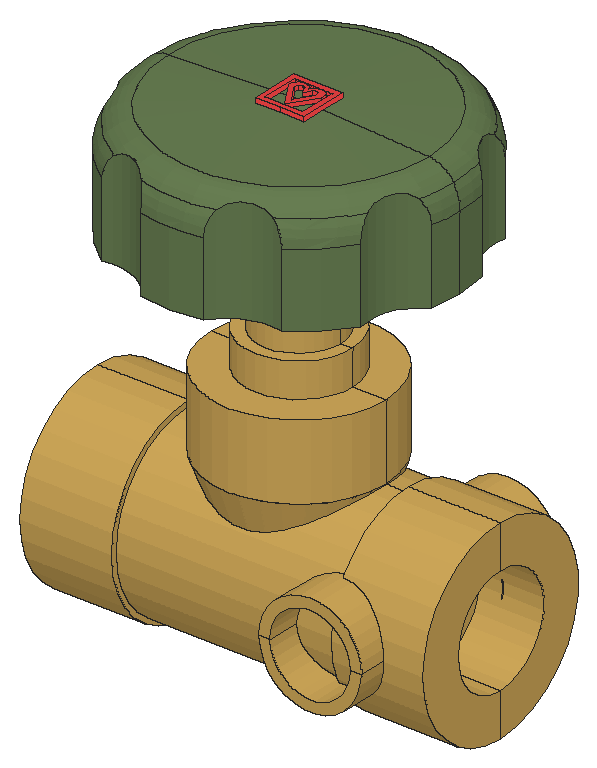
Revit family "Absperrventil 4215 AW IG-IG", category Rohrzubehör, Revit 2018
Family settings
  Bemaßung runder Anschluss = Durchmesser verwenden
  Teiletyp = Unterbricht
  OmniClass-Nummer = 23.65.55.14
  OmniClass-Titel = Valves for Liquid Services
  Arbeitsebenenbasiert = Nein
  Immer vertikal = Ja
  Beim Laden mit Abzugskörper schneiden = Nein
  Gemeinsam genutzt = Nein
Parameters
  URL = "www.herz-armaturen.at"
  T02 = 8.5 mm  # constant formula
  T01 [instance] = size_lookup("4215AW_", "T1", 17.5 mm, Nennweite)  # 23 mm
  R09 [instance] = R08 - 2 mm  # 7.5 mm
  O-Ringe = "EPDM"  # constant formula
  SC_NennweiteBerechnet = 0
  SC_Dimension = ""
  SCTWSEQ = "FW;SBT_TYP_FW=\"106\";2"
  SCTWCODE = "04;01;02"  # constant formula
  S03 = 60 mm  # constant formula
  S02 [instance] = H01 + H02 + H03  # 53.5 mm
  S01 [instance] = R01 * 2  # 36 mm
  R08 [instance] = size_lookup("4215AW_", "R8", 9.5 mm, Nennweite)  # 9.5 mm
  R07 = 3 mm  # constant formula
  R06 [instance] = size_lookup("4215AW_", "R6", 7.8 mm, Nennweite)  # 7.8 mm
  R05 [instance] = size_lookup("4215AW_", "R5", 10.1 mm, Nennweite)  # 10.1 mm
  R04 [instance] = size_lookup("4215AW_", "R4", 13.5 mm, Nennweite)  # 16.3 mm
  R03 [instance] = size_lookup("4215AW_", "R3", 15 mm, Nennweite)  # 17 mm
  R02 [instance] = Nennweite / 2  # 10 mm
  R01 [instance] = size_lookup("4215AW_", "R1", 16 mm, Nennweite)  # 18 mm
  Nennweite [instance] = 20 mm
  Min. Durchfluss bei Dp 10 kPa [instance] = if(Nennweite = 15 mm, 0.2, if(Nennweite = 20 mm, 0.4, if(Nennweite = 25 mm, 0.7, if(Nennweite = 32 mm, 1.2, if(Nennweite = 40 mm, 1.6, if(Nennweite = 50 mm, 2.7, 0))))))  # 0.4
  Medium = "Trinkwasser"  # constant formula
  Max. Differenzdruck auf geschlossenen Sitz = 1000000.0 Pa  # constant formula
  Max. Betriebstemperatur = 90 °C  # constant formula
  Max. Betriebsdruck = 1000000.0 Pa  # constant formula
  L03 [instance] = size_lookup("4215AW_", "L3", 15.5 mm, Nennweite)  # 19 mm
  L02 = 12 mm  # constant formula
  L01 [instance] = size_lookup("4215AW_", "L1", 16 mm, Nennweite)  # 17 mm
  L00 [instance] = size_lookup("4215AW_", "L", 65 mm, Nennweite)  # 75 mm
  Hinweis = "Gemäß Art 33 der REACH-Verordnung (EG Nr. 1907/2006) sind wir verpflichtet, darauf hinzuweisen, dass der Stoff Blei auf der SVHC-Liste geführt wird und dass alle aus Messing bestehenden Bauteile, die in unseren Erzeugnissen verarbeitet sind, mehr als 0,1 % (w/w) Blei (CAS: 7439-92-1 / EINECS: 231-100-4) enthalten.\r\nDa Blei als Legierungsbestandteil fest gebunden ist, sind keine Expositionen zu erwarten und daher sind keine zusätzlichen Angaben zur sicheren Verwendung notwendig."
  Hersteller = "HERZ Armaturen Ges.m.b.H."  # constant formula
  Handrad = "Kunstsoff, grün"  # constant formula
  H04 = 21 mm  # constant formula
  H03 [instance] = size_lookup("4215AW_", "H3", 14.6 mm, Nennweite)  # 16.1 mm
  H02 [instance] = size_lookup("4215AW_", "H2", 5.4 mm, Nennweite)  # 6.4 mm
  H01 [instance] = size_lookup("4215AW_", "H1", 26 mm, Nennweite)  # 31 mm
  H00 [instance] = H01 + H02 + H03  # 53.5 mm
  Gehäuse = "entzinkungsbeständiges Messing nach EN1982"  # constant formula
  Bestellnummer [instance] = size_lookup("4215AW_", "Artnr", 0, Nennweite)  # 2421532
  Anwendungsgebiet = "Zum Absperren von Trinkwasserleitungen und -anlagen in Gebäuden"
Reference planes
  plane 1 "Mitte (Vorne/hinten)": y = 0
  plane 2: z = 0
  plane 3 "Mitte (Links/rechts)": x = 0
Forms (mm)
  Revolve 1, solid, material "Messing, weicher Gelbton, geschweißt", detail levels fine
    sketch origin (470, 0, 0) x (1, 0, 0) y (0, 0, 1)
      loop
        line (-507.5, 10) -> (-495.5, 10) -> (-495.5, 0) -> (-444.5, 0) -> (-444.5, 10) -> (-432.5, 10) -> (-432.5, 18) -> (-449.5, 18) -> (-449.5, 17) -> (-490.5, 17) -> (-490.5, 18) -> (-507.5, 18) -> (-507.5, 10)
      axis (-507.5, 0) -> (-432.5, 0)
    angle from 0 to 360
  Revolve 2, solid, material "Messing, weicher Gelbton, geschweißt", detail levels fine
    sketch origin (0, 0, 0) x (1, 0, 0) y (0, 0, 1)
      loop
        line (0, 0) -> (0, 53.5) -> (-7.8, 53.5) -> (-7.8, 37.4) -> (-10.1, 37.4) -> (-10.1, 31) -> (-16.3, 31) -> (-16.3, 17) -> (-10, 0) -> (0, 0)
      axis (0, 53.5) -> (0, 0)
    angle from 0 to 360
  Revolve 3, solid, material "Messing, weicher Gelbton, geschweißt", detail levels fine
    sketch origin (0, 0, 0) x (1, 0, 0) y (0, 1, 0)
      loop
        line (20.5, -14.5) -> (28, -14.5) -> (28, -23) -> (30, -23) -> (30, -10) -> (23.5, -10) -> (23.5, 10) -> (30, 10) -> (30, 23) -> (20.5, 23) -> (20.5, -14.5)
      axis (20.5, 23) -> (20.5, -23)
    angle from 0 to 360
Lines and regions (mm)
  model lines, detail levels coarse+medium
    curve 1: line (-37.5, 0, 18) -> (-37.5, 0, -18)
    curve 2: line (-37.5, 0, -18) -> (37.5, 0, 18)
    curve 3: line (37.5, 0, 18) -> (37.5, 0, -18)
    curve 4: line (37.5, 0, -18) -> (-37.5, 0, 18)
    curve 5: line (0, 0, 0) -> (0, 0, 53.5)
    curve 6: line (-30, 0, 53.5) -> (30, 0, 53.5)
    curve 7: line (-37.5, -18, 0) -> (-37.5, 18, 0)
    curve 8: line (-37.5, 18, 0) -> (37.5, -18, 0)
    curve 9: line (37.5, -18, 0) -> (37.5, 18, 0)
    curve 10: line (37.5, 18, 0) -> (-37.5, -18, 0)
    curve 11: line (0, 0, 0) -> (0, 53.5, 0)
    curve 12: line (30, 53.5, 0) -> (-30, 53.5, 0)
Dimensions and locks
  "L00": Revolve 1 sketch curve to Revolve 1 sketch curve
  equal spacing: Revolve 1 sketch curve, plane 3 "Mitte (Links/rechts)", Revolve 1 sketch curve
  "R01": Revolve 1 sketch curve to Revolve 1 sketch curve  (x2)
  "R02": Revolve 1 sketch curve to Revolve 1 sketch curve  (x2)
  "L01": Revolve 1 sketch curve to Revolve 1 sketch curve  (x2)
  "L02": Revolve 1 sketch curve to Revolve 1 sketch curve  (x2)
  "R03": Revolve 1 sketch curve to Revolve 1 sketch curve
  "R03": Revolve 2 sketch curve to Revolve 2 sketch curve
  "R02": Revolve 2 sketch curve to Revolve 2 sketch curve
  "R04": Revolve 2 sketch curve to Revolve 2 sketch curve
  "R05": Revolve 2 sketch curve to Revolve 2 sketch curve
  "R06": Revolve 2 sketch curve to Revolve 2 sketch curve
  "H01": Revolve 2 sketch curve to plane 2
  "T01": Revolve 3 sketch curve to plane 1 "Mitte (Vorne/hinten)" to Revolve 3 sketch curve
  "R02": Revolve 3 sketch curve to plane 1 "Mitte (Vorne/hinten)"
  "R02": plane 1 "Mitte (Vorne/hinten)" to Revolve 3 sketch curve
  "R07": Revolve 3 sketch curve to Revolve 3 sketch curve
  "H02": Revolve 2 sketch curve to Revolve 2 sketch curve
  "H03": Revolve 2 sketch curve to Revolve 2 sketch curve
  "H00": nested 1 to plane 2
  "H04": nested 2 to Revolve 2
  equal spacing: curve 4, plane 2, curve 2
  "S01": curve 4 to curve 2
  equal spacing: curve 3, plane 2, curve 4
  "S01": curve 3 to curve 4
  equal spacing: curve 1, plane 3 "Mitte (Links/rechts)", curve 3
  "L00": curve 1 to curve 3
  "S02": curve 5 to plane 2
  equal spacing: curve 6, curve 5, curve 6
  "S03": curve 6 to curve 6
  equal spacing: curve 10, plane 1 "Mitte (Vorne/hinten)", curve 8
  "S01": curve 8 to curve 10
  equal spacing: curve 9, plane 1 "Mitte (Vorne/hinten)", curve 10
  "S01": curve 10 to curve 9
  equal spacing: curve 7, plane 3 "Mitte (Links/rechts)", curve 9
  "L00": curve 7 to curve 9
  "S02": plane 1 "Mitte (Vorne/hinten)" to curve 11
  equal spacing: curve 12, curve 11, curve 12
  "S03": curve 12 to curve 12
  "T02": Revolve 3 sketch curve to Revolve 3 sketch curve
  "R08": Revolve 3 sketch curve to Revolve 3 sketch curve
  "R03": Revolve 3 sketch curve to Revolve 1
  "R09": Revolve 3 sketch curve to Revolve 3 sketch curve
  aligned and locked: level to plane 2
Automatic sketch dimensions
  curve 5 to level = 0 mm
  curve 11 to plane 3 "Mitte (Links/rechts)" = 0 mm
  Revolve 1 sketch curve to level = 0 mm  (x2)
  Revolve 1 sketch curve to Revolve 1 sketch curve = 791.99 mm
  Revolve 1 sketch curve to Revolve 1 sketch curve = 2278.983 mm
  Revolve 2 sketch curve to level = 0 mm
  Revolve 2 sketch curve to plane 3 "Mitte (Links/rechts)" = 0 mm  (x2)
  Revolve 2 sketch curve to Revolve 2 sketch curve = 366.045 mm
  Revolve 2 sketch curve to Revolve 2 sketch curve = 2165.278 mm
  Revolve 3 sketch curve to Revolve 3 sketch curve = 0 mm  (x2)
  Revolve 3 sketch curve to Revolve 3 sketch curve = 6.5 mm
  Revolve 3 sketch curve to Revolve 3 sketch curve = 3.768 mm
Nested families
  nested 1: "Strömax-Handrad (Grün)" at (0, 0, 53.5), type "Strömax-Handrad (Grün)", detail levels fine
    with Nennweite 0 mm, Gewicht 0.00 kg, Bestellnummer 0
  nested 2: "Herz-Logo" at (0, 0, 74.5), type "Herz-Logo", detail levels fine
Connectors
  piping at (-25.5, 0, 0), diameter 20, driven by "Nennweite"
    settings: on Revolve 1, index 1, connector inside diameter 609.6 mm, connector length 0 mm, flow factor 0, pipe flow 0.0 L/s, pressure drop 0.0 Pa, fitting loss kfactor 0, connector angle 0.00°, fixture units 0, engagement length 0 mm, angle of deflection 0.00°, flow configuration 0, flow direction 1, fitting loss method 0, system type 29, joint type 0, gender type 0, connector reference index -1, connector utility 0, adjustable connector no, is connector primary yes, connector description ""
  piping at (25.5, 0, 0), diameter 20, driven by "Nennweite"
    settings: on Revolve 1, index 2, connector inside diameter 609.6 mm, connector length 0 mm, flow factor 0, pipe flow 0.0 L/s, pressure drop 0.0 Pa, fitting loss kfactor 0, connector angle 0.00°, fixture units 0, engagement length 0 mm, angle of deflection 0.00°, flow configuration 0, flow direction 2, fitting loss method 0, system type 29, joint type 0, gender type 0, connector reference index -1, connector utility 0, adjustable connector no, is connector primary no, connector description ""
Definition of nested family "Strömax-Handrad (Grün)"
  Parameters (values of type "Strömax-Handrad (Grün)")
    URL = "www.herz-armaturen.at"
    Nennweite [instance] = 0 mm
    Manufacturer = "Herz Armaturen GmbH"  # constant formula
    Gewicht [instance] = 0.00 kg
    Bestellnummer [instance] = 0
  Reference planes
    plane 1 "Mitte (Vorne/hinten)": y = 0
    plane 2: z = 0
    plane 3 "Mitte (Links/rechts)": x = 0
  Forms (mm)
    Revolve 1, solid
      sketch origin (0, 0, 0) x (1, 0, 0) y (0, 0, 1)
        loop
          line (0, 0) -> (0, 22)
          arc (0, 22) -> (-12.15, 21.705) -> (-24.271, 20.819) r 250
          arc (-24.271, 20.819) -> (-26.831, 19.959) -> (-28.754, 18.063) r 6
          arc (-28.754, 18.063) -> (-29.682, 16.008) -> (-30, 13.776) r 8
          line (-30, 13.776) -> (-30, 0) -> (0, 0)
        axis (0, 22) -> (0, 0)
      angle from 0 to 360
    Extrusion 2, void
      sketch origin (0, 0, 0) x (1, 0, 0) y (0, 1, 0)
        loop
          circle (14.351, -34.645) r 10
      from 0 to 22
    Extrusion 3, void
      sketch origin (0, 0, 0) x (-1, 0, 0) y (0, -1, 0)
        loop
          circle (14.351, 34.645) r 10
      from 0 to 22
    Extrusion 4, void
      sketch origin (0, 0, 0) x (0, -1, 0) y (1, 0, 0)
        loop
          circle (14.351, 34.645) r 10
      from 0 to 22
    Extrusion 5, void
      sketch origin (0, 0, 0) x (0, 1, 0) y (-1, 0, 0)
        loop
          circle (14.351, -34.645) r 10
      from 0 to 22
    Extrusion 6, void
      sketch origin (0, 0, 0) x (0, -1, 0) y (1, 0, 0)
        loop
          circle (14.351, -34.645) r 10
      from 0 to 22
    Extrusion 7, void
      sketch origin (0, 0, 0) x (0, 1, 0) y (-1, 0, 0)
        loop
          circle (14.351, 34.645) r 10
      from 0 to 22
    Extrusion 8, void
      sketch origin (0, 0, 0) x (1, 0, 0) y (0, 1, 0)
        loop
          circle (14.351, 34.645) r 10
      from 0 to 22
    Extrusion 9, void
      sketch origin (0, 0, 0) x (-1, 0, 0) y (0, -1, 0)
        loop
          circle (14.351, -34.645) r 10
      from 0 to 22
  Cuts and joins
    Extrusion 2, Extrusion 3, Extrusion 4, Extrusion 5, Extrusion 6, Extrusion 7, Extrusion 8, Extrusion 9 cuts Revolve 1
  Dimensions and locks
    aligned and locked: level to plane 2
Definition of nested family "Herz-Logo"
  Reference planes
    plane 1 "Mitte (Vorne/hinten)": y = 0
    plane 2: z = 0
    plane 3 "Mitte (Links/rechts)": x = 0
  Forms (mm)
    Extrusion 1, solid
      sketch origin (0, 0, 0) x (1, 0, 0) y (0, 1, 0)
        loop
          line (-0.018, -4.517) -> (4.482, -4.517) -> (4.482, 4.483) -> (-4.518, 4.483) -> (-4.518, -4.517) -> (-0.018, -4.517)
        loop
          line (-0.05, -3.48) -> (3.482, -3.48) -> (3.482, 3.483) -> (-3.518, 3.483) -> (-3.518, -3.48) -> (-0.05, -3.48)
        loop
          arc (-0.018, 2.383) -> (-1.543, 3.287) -> (-3.067, 2.383) r 1.738
          arc (-3.067, 2.383) -> (-3.191, 1.899) -> (-3.067, 1.415) r 1.009
          line (-3.067, 1.415) -> (-0.018, -3.281) -> (3.032, 1.415)
          arc (3.032, 1.415) -> (3.156, 1.899) -> (3.032, 2.383) r 1.009
          arc (3.032, 2.383) -> (1.507, 3.287) -> (-0.018, 2.383) r 1.738
        loop
          arc (1.885, 1.272) -> (2.005, 1.675) -> (1.885, 2.079) r 0.74
          arc (1.885, 2.079) -> (1.265, 2.416) -> (0.644, 2.079) r 0.74
          line (0.644, 2.079) -> (-0.018, 0.97) -> (-0.679, 2.079)
          arc (-0.679, 2.079) -> (-1.3, 2.416) -> (-1.921, 2.079) r 0.74
          arc (-1.921, 2.079) -> (-2.04, 1.675) -> (-1.921, 1.272) r 0.74
          line (-1.921, 1.272) -> (-0.018, -1.658) -> (1.885, 1.272)
      from 0 to 1.5
  Dimensions and locks
    aligned and locked: level to plane 2
